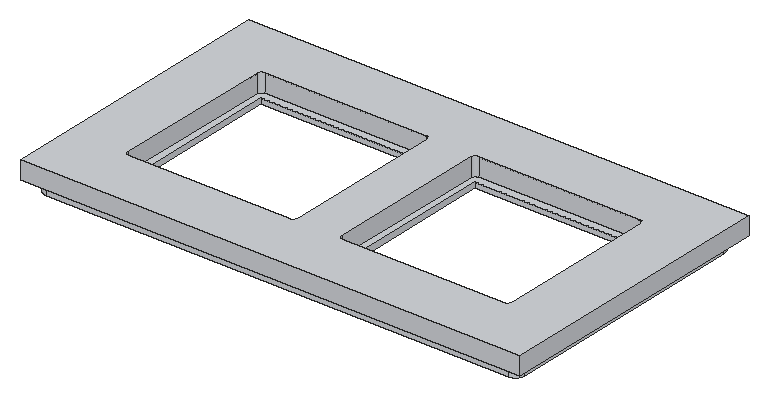
Revit family "Gira_021212", category Electrical Fixtures, host Face, Revit 2017
Family settings
  Host = Face
  Maintain Annotation Orientation = No
  Round Connector Dimension = Use Diameter
  Part Type = Normal
  Cut with Voids When Loaded = No
  Shared = No
  Room Calculation Point = No
Parameters (values of type "Cov.fr. 2-g Gira Esprit white gl.")
  With mounting grid = "No"
  With hinged lid = "No"
  URL = "http://katalog.gira.de/en/datenblatt.html?artikelnr=021212"
  Type of fastening = "Clamp mounting"
  Transparent = "Yes"
  Surface protection = "Other"
  Suitable for wall duct = "No"
  Suitable for flush-mounted installation = "Yes"
  Suitable for floor box = "No"
  Suitable for built-in installation = "No"
  Number of units vertical = "2"
  Number of units horizontal = "2"
  Number of units = "2"
  Name = "Cov.fr. 2-g Gira Esprit white gl."
  Mounting direction = "Horizontal and vertical"
  Material quality = "Real glass"
  Material = "Glass"
  Manufacturer URL = "https://www.gira.de/"
  Manufacturer = "Gira"
  Label space/information surface = "No"
  Keynote = ""
  HeinzeBIM = "https://bimportal.heinze.de/bim/cov-fr-2-g-gira-esprit-white-gl-/ec83b37adb3500a897bca91e895c33311366a3b9"
  Halogen free = "No"
  HAN = "021212"
  GTIN = "4010337212126"
  Description = "Cov.fr.2g Espr. GWh,Gira Esprit cover frame,white glass,2-gang,"
  Degree of protection (IP) = "IP20"
  Default Elevation = 1219.2 mm
  Data sheet (1) = "https://katalog.gira.de/en/download.html?artikelnr=021212"
  Colour = "White"
  Category = "Cover frame for domestic switching devices"
  BIM (1) = "https://media.stage.bim.site/public/gira/36a6b08/Espr._Rahmen_2fach.rfa"
  Available = "No"
Reference planes
  plane 1 "Center (Front/Back)": y = 0
  plane 2: z = 0
  plane 3 "Center (Left/Right)": x = 0
Forms (mm)
  Extrusion 1, solid, detail levels fine
    sketch origin (0, 0, 0) x (1, 0, 0) y (0, 1, 0)
      loop
        line (-83, 47.5) -> (-83, -47.5) -> (83, -47.5) -> (83, 47.5) -> (-83, 47.5)
      loop
        arc (-63.75, -26.7) -> (-63.311, -27.761) -> (-62.25, -28.2) r 1.5
        line (-62.25, -28.2) -> (-8.85, -28.2)
        arc (-8.85, -28.2) -> (-7.789, -27.761) -> (-7.35, -26.7) r 1.5
        line (-7.35, -26.7) -> (-7.35, 26.7)
        arc (-7.35, 26.7) -> (-7.789, 27.761) -> (-8.85, 28.2) r 1.5
        line (-8.85, 28.2) -> (-62.25, 28.2)
        arc (-62.25, 28.2) -> (-63.311, 27.761) -> (-63.75, 26.7) r 1.5
        line (-63.75, 26.7) -> (-63.75, -26.7)
      loop
        line (63.75, -26.7) -> (63.75, 26.7)
        arc (63.75, 26.7) -> (63.311, 27.761) -> (62.25, 28.2) r 1.5
        line (62.25, 28.2) -> (8.85, 28.2)
        arc (8.85, 28.2) -> (7.789, 27.761) -> (7.35, 26.7) r 1.5
        line (7.35, 26.7) -> (7.35, -26.7)
        arc (7.35, -26.7) -> (7.789, -27.761) -> (8.85, -28.2) r 1.5
        line (8.85, -28.2) -> (62.25, -28.2)
        arc (62.25, -28.2) -> (63.311, -27.761) -> (63.75, -26.7) r 1.5
    from 0 to 6
  Extrusion 2, solid, detail levels fine
    sketch origin (0, 0, 0) x (1, 0, 0) y (0, 1, 0)
      loop
        line (-61.45, -25.7) -> (-9.65, -25.7) -> (-9.65, 25.7) -> (-61.45, 25.7) -> (-61.45, -25.7)
      loop
        line (61.45, 25.7) -> (9.65, 25.7) -> (9.65, -25.7) -> (61.45, -25.7) -> (61.45, 25.7)
      loop
        arc (-78.454, -41.3) -> (-77.927, -42.573) -> (-76.654, -43.1) r 1.8
        line (-76.654, -43.1) -> (76.654, -43.1)
        arc (76.654, -43.1) -> (77.927, -42.573) -> (78.454, -41.3) r 1.8
        line (78.454, -41.3) -> (78.454, 41.3)
        arc (78.454, 41.3) -> (77.927, 42.573) -> (76.654, 43.1) r 1.8
        line (76.654, 43.1) -> (-76.654, 43.1)
        arc (-76.654, 43.1) -> (-77.927, 42.573) -> (-78.454, 41.3) r 1.8
        line (-78.454, 41.3) -> (-78.454, -41.3)
    from -1.9 to 0
  Extrusion 3, solid, detail levels fine
    sketch origin (0, 0, 0) x (1, 0, 0) y (0, 1, 0)
      loop
        arc (-76.75, 44.4) -> (-78.871, 43.521) -> (-79.75, 41.4) r 3
        line (-79.75, 41.4) -> (-79.75, -41.4)
        arc (-79.75, -41.4) -> (-78.871, -43.521) -> (-76.75, -44.4) r 3
        line (-76.75, -44.4) -> (76.75, -44.4)
        arc (76.75, -44.4) -> (78.871, -43.521) -> (79.75, -41.4) r 3
        line (79.75, -41.4) -> (79.75, 41.4)
        arc (79.75, 41.4) -> (78.871, 43.521) -> (76.75, 44.4) r 3
        line (76.75, 44.4) -> (-76.75, 44.4)
      loop
        arc (-78.55, -41.4) -> (-78.023, -42.673) -> (-76.75, -43.2) r 1.8
        line (-76.75, -43.2) -> (76.75, -43.2)
        arc (76.75, -43.2) -> (78.023, -42.673) -> (78.55, -41.4) r 1.8
        line (78.55, -41.4) -> (78.55, 41.4)
        arc (78.55, 41.4) -> (78.023, 42.673) -> (76.75, 43.2) r 1.8
        line (76.75, 43.2) -> (-76.75, 43.2)
        arc (-76.75, 43.2) -> (-78.023, 42.673) -> (-78.55, 41.4) r 1.8
        line (-78.55, 41.4) -> (-78.55, -41.4)
    from -3.7 to 0
  Extrusion 4, solid, detail levels medium
    sketch origin (0, 0, 0) x (1, 0, 0) y (0, 1, 0)
      loop
        line (-83, 47.5) -> (-83, -47.5) -> (83, -47.5) -> (83, 47.5) -> (-83, 47.5)
    from 0 to 6
  Extrusion 5, solid, detail levels medium
    sketch origin (0, 0, 0) x (1, 0, 0) y (0, 1, 0)
      loop
        line (-79.75, 44.4) -> (-79.75, -44.4) -> (79.75, -44.4) -> (79.75, 44.4) -> (-79.75, 44.4)
    from -3.7 to 0
  Extrusion 6, solid, detail levels coarse
    sketch origin (0, 0, 0) x (1, 0, 0) y (0, 1, 0)
      loop
        line (-83, 47.5) -> (-83, -47.5) -> (83, -47.5) -> (83, 47.5) -> (-83, 47.5)
    from -3.7 to 6
Dimensions and locks
  aligned and locked: plane 2 to host face
  aligned and locked: level to host face
